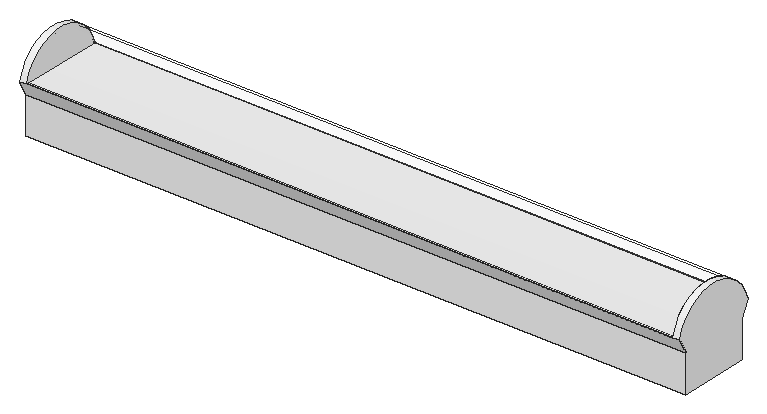
Revit family "MPS", category Lighting Fixtures, host Face, Revit 2021
Family settings
  Host = Face
  Round Connector Dimension = Use Diameter
  Part Type = Normal
  OmniClass Number = 23.80.70.11.14.17
  OmniClass Title = Direct/Indirect
  Cut with Voids When Loaded = No
  Light Source = Yes
  Shared = Yes
  Room Calculation Point = No
Parameters (values of type "MPS-2")
  zz Length 2 = 24"
  Watts = 13.8 W
  Wattage Comments = "13.8W to 133.0"  # constant formula
  Wattage = 31.5 W
  Warranty = "Five year warranty"  # constant formula
  built-in parameter 1150110 = 1 (stored number, unit not read)
  Voltage = 120 V
  URL = "https://www.currentlighting.com/columbia"
  Type Comments = "Lighting Fixture"  # constant formula
  built-in parameter 1114217 = 1 (stored number, unit not read)
  Tilt Angle = 90.00°
  built-in parameter 1150109 = 1 (stored number, unit not read)
  built-in parameter 1150134 = (empty or 0)
  built-in parameter 1150113 = 1 (stored number, unit not read)
  Product Page URL = ""
  Product Documentation Link = ""
  Power Factor = 1
  Photometric Web File = "MPS2-30HL-CN-EDU.ies"
  Photometric Notes = "More IES files download in Photometric Web Link"  # constant formula
  Model = "MPS"  # constant formula
  Manufacturer = "Columbia Lighting"  # constant formula
  built-in parameter 1150105 = 295.79 (stored number, unit not read)
  Lumens = 3717 lm
  built-in parameter 1150115 = 1 (stored number, unit not read)
  Load Classification = Lighting
  built-in parameter 1150137 = (empty or 0)
  built-in parameter 1150139 = (empty or 0)
  Lens Option = Curve Lens : Curve Lens
  built-in parameter 1150112 = 1 (stored number, unit not read)
  built-in parameter 1150114 = 1 (stored number, unit not read)
  Lamp = "LED"  # constant formula
  Glass = White Glass
  built-in parameter 1150132 = (empty or 0)
  built-in parameter 1150102 = (empty or 0)
  built-in parameter 1150107 = 3500 (stored number, unit not read)
  built-in parameter 1150138 = (empty or 0)
  built-in parameter 1150106 = 2.9579 (stored number, unit not read)
  Emit from Rectangle Width = 3"  # constant formula
  Emit from Rectangle Length = zz Length 2 - 2"  # 22"
  Copyright = "Copyright ©  Columbia Lighting"  # constant formula
  Contact Us = ""
  Ceiling Type = "Surface mount, wall mount or suspended"  # constant formula
  Emit Shape Visible in Rendering = no
  built-in parameter 1150104 = 10.963 (stored number, unit not read)
  Dimming Lamp Color Temperature Shift = Incandescent Lamp Curve
  Description = "MultiPurpose Linear"  # constant formula
  Default Elevation = 48"
  Finish = Arctic White
  Color Filter = 16777215
  built-in parameter 1114218 = 1 (stored number, unit not read)
  built-in parameter 1150133 = 10 (stored number, unit not read)
  Assembly Code = "D5020200"
  Apparent Load = Watts / Power Factor  # 13.8 VA
Types (4): name | zz Length 2 | Emit from Rectangle Length
  (no name) | 24" | 22"
  MPS-4 | 48" | 46"
  MPS-2 | 24" | 22"
  MPS-8 | 96" | 94"
Reference planes (in)
  plane 1 "Center (Front/Back)": y = 6.16697
  plane 2: z = 0
  plane 3 "Center (Left/Right)": x = 0
  plane 4: z = 0
Lines and regions (in)
  reference lines
    curve 1: line (0, 14.66697, -3.25) -> (0, 17.66697, -0.25)
    curve 2: line (0, -2.33303, -3.25) -> (0, 14.66697, -3.25)
    curve 3: line (0, -5.33303, -0.25) -> (0, -2.33303, -3.25)
    curve 4: line (0, 14.66697, -3.25) -> (0, 17.66697, -0.25)
    curve 5: line (0, -5.33303, -0.25) -> (0, 17.66697, -0.25)
    curve 6: line (0, 17.41697, -0.77432) -> (0, 18.16697, -0.77432)
    curve 7: line (0, 17.41697, -1.52432) -> (0, 17.41697, -0.77432)
    curve 8: line (0, 16.93705, -1.52432) -> (0, 17.41697, -1.52432)
    curve 9: line (0, 15.16697, -4.25) -> (0, 16.93705, -1.52432)
    curve 10: line (0, -4.60311, -1.52432) -> (0, -2.83303, -4.25)
    curve 11: line (0, -5.08303, -1.52432) -> (0, -4.60311, -1.52432)
    curve 12: line (0, -5.08303, -0.77432) -> (0, -5.08303, -1.52432)
    curve 13: line (0, -5.83303, -0.77432) -> (0, -5.08303, -0.77432)
Dimensions and locks (in)
  aligned and locked: plane 2 to host face
  aligned and locked: level to host face
  aligned and locked: imposter light to plane 3 "Center (Left/Right)"
  aligned and locked: imposter light to plane 1 "Center (Front/Back)"
  aligned and locked: plane 3 "Center (Left/Right)" to nested 1
  aligned and locked: plane 1 "Center (Front/Back)" to nested 1
Nested families (in)
  nested 1: "Curve Lens" at (2.04767, 6.12698, 0), Row Length <- "zz Length 2", Glass <- "Glass", Backbox <- "Finish", type <- "Lens Option", type "Curve Lens"
    with Row Length 24", Glass White Glass, Backbox Arctic White
Connectors (in)
  electrical at (0, 6.16697, 0), driven by "Load Classification", driven by "Voltage", driven by "Apparent Load", driven by "Power Factor"
    settings: on nested 1, index 1, voltage 120 V, apparent load 13.8 VA, apparent load phase1 0 VA, apparent load phase2 0 VA, apparent load phase3 0 VA, power factor 1, load classification "Lighting", number of poles 1, system type 30, power factor state 1, is connector primary yes, connector utility no, sub classification motor no, connector description "Electrical Connector"
Definition of nested family "Curve Lens"
  Parameters
    Wattage Comments = ""
    URL = ""
    Row Length [instance] = 48"
    Model = ""
    Manufacturer = ""
    Lamp = ""
    Glass [instance] = none
    Description = ""
    Default Elevation = 48"
    Backbox [instance] = none
  Reference planes (in)
    plane 1 "Center (Front/Back)": y = 0.03999
    plane 2: z = 0
    plane 3 "Center (Left/Right)": x = -2.04767
    plane 4: x = -26.04767
    plane 5: x = 21.95233
    plane 6: x = -25.79767
    plane 7: x = 21.70233
    plane 8: y = 1.31999
    plane 9: y = -1.24001
    plane 10: y = -1.51001
    plane 11: y = 1.58999
    plane 12: z = 3.0625
  Forms (in)
    Extrusion 1, solid
      sketch origin (0, 0, 0.06357) x (1, 0, 0) y (0, 1, 0)
        loop
          line (-48, 48) -> (-48, -48) -> (48, -48) -> (48, 48) -> (-48, 48)
      from -0.06357 to -17.74365
    Extrusion 2, solid, material <- "Backbox"
      sketch origin (-2.04767, 0, 0) x (0, 1, 0) y (0, 0, 1)
        loop
          line (1.31999, 1.349) -> (1.58999, 1.88889) -> (-1.51001, 1.88889) -> (-1.24001, 1.349) -> (-1.24001, 0) -> (1.31999, 0) -> (1.31999, 1.349)
      from -23.75 to 23.75
    Extrusion 3, solid, material <- "Glass"
      sketch origin (-2.04767, 0, 0.0625) x (0, 1, 0) y (0, 0, 1)
        loop
          arc (1.58999, 1.82639) -> (0.03999, 3) -> (-1.51001, 1.82639) r 1.61036
          line (-1.51001, 1.82639) -> (-1.44799, 1.82639)
          arc (-1.44799, 1.82639) -> (0.03999, 2.94039) -> (1.52797, 1.82639) r 1.55075
          line (1.52797, 1.82639) -> (1.58999, 1.82639)
      from -23.75 to 23.75
    Extrusion 4, solid, material <- "Backbox"
      sketch origin (-2.04767, 0, 0) x (0, 1, 0) y (0, 0, 1)
        loop
          line (1.31999, 1.349) -> (1.58999, 1.88889)
          arc (1.58999, 1.88889) -> (0.03999, 3.0625) -> (-1.51001, 1.88889) r 1.61036
          line (-1.51001, 1.88889) -> (-1.24001, 1.349) -> (-1.24001, 0) -> (1.31999, 0) -> (1.31999, 1.349)
      from 23.75 to 24
    Extrusion 5, solid, material <- "Backbox"
      sketch origin (-2.04767, 0, 0) x (0, 1, 0) y (0, 0, 1)
        loop
          line (1.31999, 1.349) -> (1.58999, 1.88889)
          arc (1.58999, 1.88889) -> (0.03999, 3.0625) -> (-1.51001, 1.88889) r 1.61036
          line (-1.51001, 1.88889) -> (-1.24001, 1.349) -> (-1.24001, 0) -> (1.31999, 0) -> (1.31999, 1.349)
      from -24 to -23.75
  Cuts and joins
    joined: Extrusion 2, Extrusion 4, Extrusion 5
  Dimensions and locks (in)
    equal spacing: plane 5, plane 3 "Center (Left/Right)", plane 4
    locked: plane 6 to plane 4 at 0.25
    "Row Length": plane 5 to plane 4
    equal spacing: plane 7, plane 3 "Center (Left/Right)", plane 6
    equal spacing: plane 8, plane 1 "Center (Front/Back)", plane 9, locked at 1.28 each
    equal spacing: plane 11, plane 1 "Center (Front/Back)", plane 10, locked at 1.55 each
    locked: plane 12 to plane 2 at 3.0625
    aligned and locked: plane 2 to Extrusion 1
    aligned and locked: level to Extrusion 1
    aligned and locked: Extrusion 2 to plane 6
    aligned and locked: plane 7 to Extrusion 3
    aligned and locked: Extrusion 3 to plane 6
    aligned and locked: plane 5 to Extrusion 4
    aligned and locked: Extrusion 4 to plane 7
    aligned and locked: Extrusion 5 to plane 4
    aligned and locked: plane 6 to Extrusion 5
    aligned and locked: Extrusion 5 sketch curve to plane 8
    aligned and locked: plane 9 to Extrusion 5 sketch curve
    aligned and locked: plane 7 to cut or joined group of Extrusion 2, Extrusion 4, Extrusion 5
  Automatic sketch dimensions
    Extrusion 1 sketch curve to Extrusion 1 sketch curve = 96"  (x2)
    Extrusion 2 sketch curve to plane 10 = 0"
    Extrusion 2 sketch curve to plane 9 = 0"
    Extrusion 2 sketch curve to level = 0"
    Extrusion 2 sketch curve to plane 8 = 0"
    Extrusion 2 sketch curve to plane 11 = 0"
    level to Extrusion 2 sketch curve = 1.349"  (x2)
    Extrusion 2 sketch curve to Extrusion 2 sketch curve = 0.53989"
    Extrusion 3 sketch curve to Extrusion 3 sketch curve = 0"  (x2)
    Extrusion 3 sketch curve to plane 10 = 0"
    Extrusion 3 sketch curve to plane 1 "Center (Front/Back)" = 0"
    Extrusion 3 sketch curve to plane 11 = 0"
    Extrusion 3 sketch curve to Extrusion 3 sketch curve = 0.06202"
    level to Extrusion 3 sketch curve = 1.45214"
    Extrusion 4 sketch curve to plane 10 = 0"
    Extrusion 4 sketch curve to level = 0"
    Extrusion 4 sketch curve to plane 9 = 0"
    Extrusion 4 sketch curve to plane 1 "Center (Front/Back)" = 0"
    Extrusion 4 sketch curve to plane 8 = 0"
    Extrusion 4 sketch curve to plane 11 = 0"
    Extrusion 4 sketch curve to Extrusion 4 sketch curve = 1.349"  (x2)
    level to Extrusion 4 sketch curve = 1.45214"
    Extrusion 4 sketch curve to Extrusion 4 sketch curve = 0.53989"
    Extrusion 5 sketch curve to plane 10 = 0"
    Extrusion 5 sketch curve to plane 1 "Center (Front/Back)" = 0"
    Extrusion 5 sketch curve to plane 11 = 0"
    Extrusion 5 sketch curve to level = 0"
    Extrusion 5 sketch curve to Extrusion 5 sketch curve = 1.349"  (x2)
    level to Extrusion 5 sketch curve = 1.45214"
    Extrusion 5 sketch curve to Extrusion 5 sketch curve = 0.53989"
    Extrusion 3 sketch curve to plane 12 = 1.17361"
